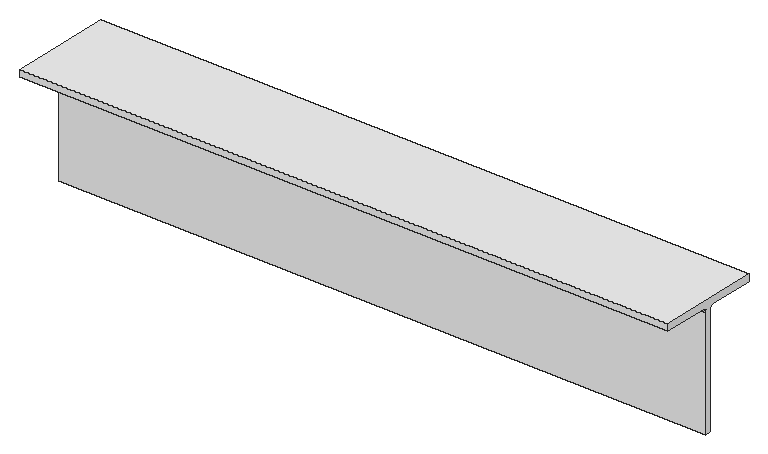
Revit family
Parameters (values of type "T-UB 191x229x34")
  시작 확장 계산 [instance] = 3012.5 mm + 시작 확장  # 3000 mm
  시작 확장 [instance] = -12.5 mm
  끝 확장 계산 [instance] = 3012.5 mm + 끝 확장  # 3000 mm
  끝 확장 [instance] = -12.5 mm
  보 재료 [instance] = 금속 - 스틸 - 345 MPa
  Assembly Code = ""
  A = 0.004 m²
  Length [instance] = 1500 mm
  W = 0.329
  bf = 189.9 mm
  d = 226.8 mm
  k = 21.2 mm
  kr = k - tf  # 8.5 mm
  tf = 12.7 mm
  tw = 8.5 mm
Reference planes
  plane 1 "중심(앞/뒤)": y = 0
  plane 2: z = 0
  plane 3 "중심(왼쪽/오른쪽)": x = 4.61
  plane 4 "왼쪽 부재": x = -604.99
  plane 5 "오른쪽 부재": x = 614.21
  plane 6: y = 94.95
  plane 7: y = -94.95
  plane 8 "상단": z = 113.4
  plane 9: z = -113.4
  plane 10 "왼쪽": x = -757.39
  plane 11 "오른쪽": x = 742.61
  plane 12: x = -604.99
  plane 13: x = 614.21
  plane 14: x = 2395.01
  plane 15: x = -2385.79
Forms (mm)
  Sweep 1, solid, material "금속 - 스틸 - 345 MPa" <- "보 재료", detail levels medium
    path origin (0, 0, 0) x (1, 0, 0) y (0, 1, 0)
      loop
        line (614.21, 0) -> (-604.99, 0)
    profile "M_구조 T자형-프로파일-중간 : M_구조 T자형-프로파일-중간" origin (4.61, 0, 0) x (0, -1, 0) y (0, 0, 1)
      loop
        line (-94.95, 113.4) -> (-94.95, 100.7) -> (-4.25, 100.7) -> (-4.25, -113.4) -> (4.25, -113.4) -> (4.25, 100.7) -> (94.95, 100.7) -> (94.95, 113.4) -> (-94.95, 113.4)
  Sweep 2, solid, material "금속 - 스틸 - 345 MPa" <- "보 재료", detail levels fine
    path origin (0, 0, 0) x (1, 0, 0) y (0, 1, 0)
      loop
        line (614.21, 0) -> (-604.99, 0)
    profile "M_구조 T자형-프로파일-섬세 : M_구조 T자형-프로파일-섬세" origin (4.61, 0, 0) x (0, -1, 0) y (0, 0, 1)
      loop
        line (-94.95, 113.4) -> (-94.95, 100.7) -> (-12.75, 100.7)
        arc (-12.75, 100.7) -> (-6.74, 98.21) -> (-4.25, 92.2) r 8.5
        line (-4.25, 92.2) -> (-4.25, -113.4) -> (4.25, -113.4) -> (4.25, 92.2)
        arc (4.25, 92.2) -> (6.74, 98.21) -> (12.75, 100.7) r 8.5
        line (12.75, 100.7) -> (94.95, 100.7) -> (94.95, 113.4) -> (-94.95, 113.4)
Lines and regions (mm)
  symbolic lines, style "숨겨진 면", detail levels medium+fine
    curve 1: line (614.21, -2.5, 0) -> (-604.99, -2.5, 0)
    curve 2: line (614.21, 2.5, 0) -> (-604.99, 2.5, 0)
  symbolic lines, style "기호 부착", detail levels coarse
    curve 3: line (4.61, 94.95, 113.4) -> (4.61, -94.95, 113.4)
    curve 4: line (4.61, 0, 113.4) -> (4.61, 0, -113.4)
Dimensions and locks
  "bf": plane 6 to plane 7
  "d": plane 9 to plane 8 "상단"
  equal spacing: plane 9, plane 2, plane 8 "상단"
  equal spacing: plane 6, plane 1 "중심(앞/뒤)", plane 7
  "Length": plane 10 "왼쪽" to plane 11 "오른쪽"
  locked: plane 4 "왼쪽 부재" to plane 14 at 3000
  locked: plane 15 to plane 5 "오른쪽 부재" at 3000
  "끝 확장 계산": plane 15 to plane 13
  "시작 확장 계산": plane 12 to plane 14
  aligned and locked: Sweep 1 sketch curve to plane 1 "중심(앞/뒤)"
  aligned and locked: Sweep 2 sketch curve to plane 1 "중심(앞/뒤)"
  aligned and locked: Sweep 2 to curve 3  (x2)
  aligned and locked: curve 4 to Sweep 1
  aligned and locked: curve 3 to Sweep 2
  aligned and locked: plane 12 to Sweep 2 sketch curve
  aligned and locked: plane 13 to Sweep 2 sketch curve
  aligned and locked: plane 12 to Sweep 1 sketch curve
  aligned and locked: plane 13 to Sweep 1 sketch curve
Automatic sketch dimensions
  curve 1 to plane 4 "왼쪽 부재" = 0 mm
  curve 2 to plane 4 "왼쪽 부재" = 0 mm
  curve 2 to plane 5 "오른쪽 부재" = 0 mm
  curve 1 to plane 5 "오른쪽 부재" = 0 mm
  plane 1 "중심(앞/뒤)" to curve 1 = 2.5 mm
  curve 2 to plane 1 "중심(앞/뒤)" = 2.5 mm
  curve 4 to plane 1 "중심(앞/뒤)" = 0 mm
